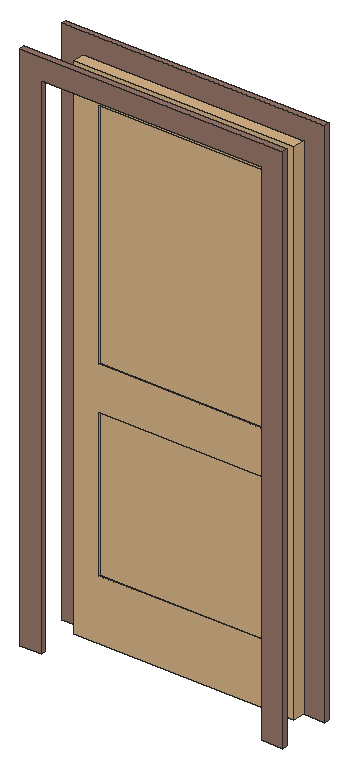
Revit family
Parameters (values of type "0914 x 2134mm")
  Thickness = 51 mm
  Height = 2134 mm
  Rail Width - Base = 254 mm
  Rail Width - Center = 178 mm
  Rail Width-Head = 127 mm
  Stile Width = 102 mm
  Trim Projection Ext. = 19 mm
  Trim Projection Int. = 19 mm
  Trim Width Ext. = 89 mm
  Trim Width Int. = 89 mm
  Wall Closure = (empty or 0)
  Width = 914 mm
  Frame Material = Door - Frame
  Door Material = Door - Panel
Types (7, lengths in mm): name | Height | Width
  0762 x 2032mm | 2032 | 762
  0762 x 2134mm | 2134 | 762
  0813 x 2134mm | 2134 | 813
  0864 x 2134mm | 2134 | 864
  0914 x 2032mm | 2032 | 914
  0914 x 2134mm | 2134 | 914
  0864 x 2032mm | 2032 | 864
Reference planes
  plane 1: y = 0
  plane 2 "Center (Left/Right)": x = 0
  plane 3: x = -457
  plane 4 "Right": x = 457
  plane 5: z = 2134
  plane 6: z = 2007
  plane 7: z = 1042
  plane 8: z = 864
  plane 9: z = 254
  plane 10: x = 355
  plane 11: x = -355
Forms (mm)
  Extrusion 1, solid, material "Door - Frame"
    sketch origin (-3050, -100, 0) x (1, 0, 0) y (0, 0, 1)
      loop
        line (2504, 0) -> (2593, 0) -> (2593, 2134) -> (3507, 2134) -> (3507, 0) -> (3596, 0) -> (3596, 2223) -> (2504, 2223) -> (2504, 0)
    from 0 to 19
  Extrusion 2, solid, material "Door - Panel" <- "Door Material"
    sketch origin (-3050, 94, 0) x (-1, 0, 0) y (0, 0, 1)
      loop
        line (-3507, 2134) -> (-3507, 0) -> (-2593, 0) -> (-2593, 2134) -> (-3507, 2134)
      loop
        line (-3405, 2007) -> (-3405, 1042) -> (-2695, 1042) -> (-2695, 2007) -> (-3405, 2007)
      loop
        line (-3405, 864) -> (-3405, 254) -> (-2695, 254) -> (-2695, 864) -> (-3405, 864)
    from 6 to -45
  Extrusion 3, solid, material "Door - Panel" <- "Door Material"
    sketch origin (-3050, 100, 0) x (-1, 0, 0) y (0, 0, 1)
      loop
        line (-3405, 2007) -> (-3405, 1042) -> (-2695, 1042) -> (-2695, 2007) -> (-3405, 2007)
      loop
        line (-3405, 864) -> (-3405, 254) -> (-2695, 254) -> (-2695, 864) -> (-3405, 864)
    from -6 to -45
  Extrusion 4, solid, material "Door - Frame" <- "Frame Material"
    sketch origin (-5000, 100, 0) x (-1, 0, 0) y (0, 0, 1)
      loop
        line (-5457, 0) -> (-5457, 2134) -> (-4543, 2134) -> (-4543, 0) -> (-4454, 0) -> (-4454, 2223) -> (-5546, 2223) -> (-5546, 0) -> (-5457, 0)
    from 0 to 19
Lines and regions (mm)
  Opening 1
    outline origin (-3050, -100, 0) x (1, 0, 0) y (0, 0, 1)
      loop
        line (2593, 0) -> (3507, 0) -> (3507, 2134) -> (2593, 2134) -> (2593, 0)
  symbolic lines, style "DoorsPanelProjection"
    curve 1: line (457, 100, 0) -> (406, 100, 0)
    curve 2: line (457, 100, 0) -> (457, 1014, 0)
    curve 3: line (457, 1014, 0) -> (406, 1014, 0)
    curve 4: line (406, 100, 0) -> (406, 1014, 0)
  symbolic lines, style "Plan Swing"
    curve 5: arc (-457, 100, 0) -> (-189.296, 746.296, 0) -> (457, 1014, 0) r 914
  model lines, style "DoorsPanelProjection"
    curve 6: line (355, 94, 1956.211) -> (-355, 94, 1956.211)
    curve 7: line (355, 94, 1905.421) -> (-355, 94, 1905.421)
    curve 8: line (355, 94, 1854.632) -> (-355, 94, 1854.632)
    curve 9: line (355, 94, 1803.842) -> (-355, 94, 1803.842)
    curve 10: line (355, 94, 1753.053) -> (-355, 94, 1753.053)
    curve 11: line (355, 94, 1702.263) -> (-355, 94, 1702.263)
    curve 12: line (355, 94, 1651.474) -> (-355, 94, 1651.474)
    curve 13: line (355, 94, 1549.895) -> (-355, 94, 1549.895)
    curve 14: line (355, 94, 1499.105) -> (-355, 94, 1499.105)
    curve 15: line (355, 94, 1448.316) -> (-355, 94, 1448.316)
    curve 16: line (355, 94, 1397.526) -> (-355, 94, 1397.526)
    curve 17: line (355, 94, 1346.737) -> (-355, 94, 1346.737)
    curve 18: line (355, 94, 1295.947) -> (-355, 94, 1295.947)
    curve 19: line (355, 94, 1245.158) -> (-355, 94, 1245.158)
    curve 20: line (355, 94, 1194.368) -> (-355, 94, 1194.368)
    curve 21: line (355, 94, 1143.579) -> (-355, 94, 1143.579)
    curve 22: line (355, 94, 1092.789) -> (-355, 94, 1092.789)
    curve 23: line (355, 94, 813.167) -> (-355, 94, 813.167)
    curve 24: line (355, 94, 762.333) -> (-355, 94, 762.333)
    curve 25: line (355, 94, 711.5) -> (-355, 94, 711.5)
    curve 26: line (355, 94, 660.667) -> (-355, 94, 660.667)
    curve 27: line (355, 94, 609.833) -> (-355, 94, 609.833)
    curve 28: line (355, 94, 559) -> (-355, 94, 559)
    curve 29: line (355, 94, 508.167) -> (-355, 94, 508.167)
    curve 30: line (355, 94, 457.333) -> (-355, 94, 457.333)
    curve 31: line (355, 94, 406.5) -> (-355, 94, 406.5)
    curve 32: line (355, 94, 355.667) -> (-355, 94, 355.667)
    curve 33: line (355, 94, 304.833) -> (-355, 94, 304.833)
    curve 34: line (355, 94, 1600.684) -> (-355, 94, 1600.684)
  symbolic lines, style "Elevation Swing"
    curve 35: line (-457, 0, 2134) -> (457, 0, 1067)
    curve 36: line (457, 0, 1067) -> (-457, 0, 0)
Text (mm)
  text "Exterior" at (-1537.795, 1309.753, 0), in view "Floor Line"
  text "Exterior" at (0, 1623.055, 2953.67), in view "Left"
  text "Exterior" at (0, -1724.616, 4274.932), in view "Right"
Dimensions and locks
  equal spacing: plane 3, plane 2 "Center (Left/Right)", plane 4 "Right"
  "Width": plane 3 to plane 4 "Right"
  plane 1 to host wall = 0 mm
  "Trim Width Int.": Extrusion 1 sketch curve to plane 3
  "Trim Width Int.": plane 5 to Extrusion 1 sketch curve
  "Trim Width Int.": plane 4 "Right" to Extrusion 1 sketch curve
  "Height": plane 5 to host wall
  equal spacing: plane 7, curve 22, curve 21, curve 20, curve 19, curve 18, curve 17, curve 16, curve 15, curve 14, curve 13, curve 34, curve 12, curve 11, curve 10, curve 9, curve 8, curve 7, curve 6, plane 6
  equal spacing: plane 9, curve 33, curve 32, curve 31, curve 30, curve 29, curve 28, curve 27, curve 26, curve 25, curve 24, curve 23, plane 8
  "Rail Width - Base": level to plane 9
  "Rail Width - Center": plane 8 to plane 7
  "Rail Width-Head": plane 6 to plane 5
  "Stile Width": plane 10 to plane 4 "Right"
  "Stile Width": plane 11 to plane 3
  "Thickness": curve 4 to curve 2
  "Thickness": Extrusion 2 to host wall
  locked: Extrusion 2 to Extrusion 3 at 6  (x2)
  "Trim Projection Int.": Extrusion 1 to Extrusion 1
  "Trim Width Ext.": plane 4 "Right" to Extrusion 4 sketch curve
  "Trim Width Ext.": Extrusion 4 sketch curve to plane 3
  "Trim Width Ext.": plane 5 to Extrusion 4 sketch curve
  "Trim Projection Ext.": Extrusion 4 to Extrusion 4
  "Width": curve 3 to curve 1
  equal spacing: level, curve 36, plane 5
  aligned and locked: plane 3 to Opening 1 sketch curve
  aligned and locked: plane 5 to Opening 1 sketch curve  (x2)
  aligned and locked: Opening 1 sketch curve to plane 4 "Right"
  aligned and locked: Opening 1 sketch curve to level
  aligned and locked: level to Extrusion 1 sketch curve
  aligned and locked: plane 5 to Extrusion 1 sketch curve  (x2)
  aligned and locked: Extrusion 1 sketch curve to plane 4 "Right"
  aligned and locked: plane 3 to Extrusion 1 sketch curve
  aligned and locked: plane 1 to host wall
  aligned and locked: Extrusion 2 sketch curve to Extrusion 1  (x2)
  aligned and locked: plane 10 to Extrusion 2 sketch curve  (x2)
  aligned and locked: plane 6 to Extrusion 2 sketch curve
  aligned and locked: plane 7 to Extrusion 2 sketch curve
  aligned and locked: plane 11 to Extrusion 2 sketch curve  (x2)
  aligned and locked: plane 8 to Extrusion 2 sketch curve
  aligned and locked: plane 9 to Extrusion 2 sketch curve
  aligned and locked: Extrusion 3 sketch curve to Extrusion 2  (x8)
  aligned and locked: host wall to curve 1
  aligned and locked: plane 10 to curve 34
  aligned and locked: plane 11 to curve 34
  aligned and locked: Extrusion 1 to host wall
  aligned and locked: host wall to Extrusion 2
  aligned and locked: Extrusion 4 to host wall
Automatic sketch dimensions
  Extrusion 1 sketch curve to level = 0 mm
  curve 1 to plane 4 "Right" = 0 mm
  curve 5 to plane 3 = 0 mm
  Extrusion 2 sketch curve to plane 4 "Right" = 0 mm
  Extrusion 2 sketch curve to plane 5 = 0 mm
  Extrusion 4 sketch curve to level = 0 mm  (x2)
  Extrusion 4 sketch curve to plane 4 "Right" = 0 mm
  Extrusion 4 sketch curve to plane 3 = 0 mm
  Extrusion 4 sketch curve to plane 5 = 0 mm
  curve 35 to plane 3 = 0 mm
  curve 35 to plane 5 = 0 mm
  curve 36 to plane 4 "Right" = 0 mm
  curve 36 to level = 0 mm
  curve 36 to plane 3 = 0 mm
  curve 6 to plane 11 = 0 mm
  curve 7 to plane 11 = 0 mm
  curve 8 to plane 11 = 0 mm
  curve 33 to plane 11 = 0 mm
  curve 9 to plane 11 = 0 mm
  curve 32 to plane 11 = 0 mm
  curve 10 to plane 11 = 0 mm
  curve 31 to plane 11 = 0 mm
  curve 11 to plane 11 = 0 mm
  curve 30 to plane 11 = 0 mm
  curve 12 to plane 11 = 0 mm
  curve 29 to plane 11 = 0 mm
  curve 13 to plane 11 = 0 mm
  curve 28 to plane 11 = 0 mm
  curve 14 to plane 11 = 0 mm
  curve 27 to plane 11 = 0 mm
  curve 15 to plane 11 = 0 mm
  curve 26 to plane 11 = 0 mm
  curve 16 to plane 11 = 0 mm
  curve 25 to plane 11 = 0 mm
  curve 17 to plane 11 = 0 mm
  curve 24 to plane 11 = 0 mm
  curve 18 to plane 11 = 0 mm
  curve 23 to plane 11 = 0 mm
  curve 19 to plane 11 = 0 mm
  curve 22 to plane 11 = 0 mm
  curve 20 to plane 11 = 0 mm
  curve 21 to plane 11 = 0 mm
  curve 21 to plane 10 = 0 mm
  curve 22 to plane 10 = 0 mm
  curve 20 to plane 10 = 0 mm
  curve 23 to plane 10 = 0 mm
  curve 19 to plane 10 = 0 mm
  curve 24 to plane 10 = 0 mm
  curve 18 to plane 10 = 0 mm
  curve 25 to plane 10 = 0 mm
  curve 17 to plane 10 = 0 mm
  curve 26 to plane 10 = 0 mm
  curve 16 to plane 10 = 0 mm
  curve 27 to plane 10 = 0 mm
  curve 15 to plane 10 = 0 mm
  curve 28 to plane 10 = 0 mm
  curve 14 to plane 10 = 0 mm
  curve 29 to plane 10 = 0 mm
  curve 13 to plane 10 = 0 mm
  curve 30 to plane 10 = 0 mm
  curve 12 to plane 10 = 0 mm
  curve 31 to plane 10 = 0 mm
  curve 11 to plane 10 = 0 mm
  curve 32 to plane 10 = 0 mm
  curve 10 to plane 10 = 0 mm
  curve 33 to plane 10 = 0 mm
  curve 9 to plane 10 = 0 mm
  curve 8 to plane 10 = 0 mm
  curve 7 to plane 10 = 0 mm
  curve 6 to plane 10 = 0 mm
